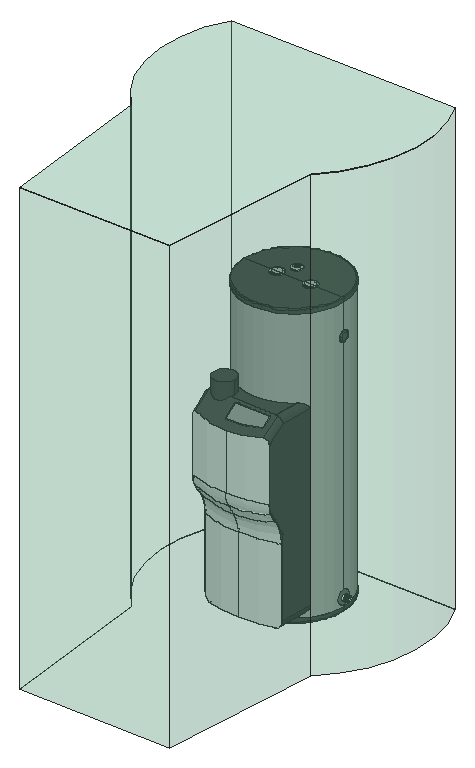
Revit family "Innovo FR_IR 12 200 FR LP", category Mechanical Equipment, Revit 2015
Parameters (values of type "IR-12-200 FR LP")
  largeur d'emballage = 786 mm  # constant formula
  l'Intervalle d'Entretien = "12 mois"  # constant formula
  Workspace Radius = Diameter + 170 mm  # 780 mm
  Workspace Height = Hauteur + 1000 mm  # 2745 mm
  Workspace Front Distance = 1000 mm
  Workspace [instance] = yes
  Valve Height 02 = if(and(Hauteur = 1745 mm, Diameter = 675 mm), 1518 mm, if(and(Hauteur = 1745 mm, Diameter = 610 mm), 1534 mm, if(Hauteur = 1545 mm, 1328 mm, 1070 mm)))  # 1534 mm
  Valve Height 01 = if(and(Diameter > 560 mm), 693 mm, 604 mm)  # 693 mm
  Valeur Maximale du Thermostat de Régulation = 85 °C  # constant formula
  Valeur Manimale du Thermostat de Régulation = 40 °C  # constant formula
  Valeur Défaut du Thermostat de Régulation = 65 °C  # constant formula
  URL = "www.aosmith.fr"
  Type d'Installation = "B23/C13/C33/C43/C53/C63"  # constant formula
  Type d'emballage = "Carton et bois"  # constant formula
  Tension d'Alimentation (-15%, +10%) = 230 V  # constant formula
  Température Maximale des Fumées = 65 °C
  Temps de réchauffement à ΔT = 70°C = "38"
  Temps de réchauffement à ΔT = 55°C = "30"
  Temps de réchauffement à ΔT = 50°C = "27"
  Temps de réchauffement à ΔT = 44°C = "24"
  Temps de réchauffement à ΔT = 28°C = "16"
  Spécifications du Produit = ""
  Réglages du thermostat du chauffe-eau = 65 °C  # constant formula
  Réglage Standard Pour = "G20/G25"
  Rendement Saisonnier (Hs) = [Rendement (Hs, acc. NEN-EN 89 - 1999)]  # 96
  Rendement (Hs, acc. NEN-EN 89 - 1999) = 96
  Rendement (Hi, acc. NEN-EN 89 - 1999) = 107
  Raccord Évacuation de la Condensation = 40 mm  # constant formula
  Raccord de la Soupape de Vidange = 1"
  Raccord de Sortie d'Eau Chaude = 1"
  Raccord de Gaz = 15"  # constant formula
  Raccord d'Alimentation en Eau Froide = 3/4"  # constant formula
  Raccord Robinet de Vidange = 3/4"  # constant formula
  Puissance Électrique Absorbée (sommet) = 105 W
  Puissance Électrique Absorbée (nominal) = 85 W
  Profondeur d'emballage = 946 mm  # constant formula
  Profondeur = 780 mm  # constant formula
  Profils de soutirage déclaré = "XXL"
  Production Nominale = "31000.0/30100.0"
  Pression de Fonctionnement Maximale = 800000.0 Pa  # constant formula
  Pression Différentielle d'Ouverture de l'Interrupteur de Pression < = 210.0 Pa
  Pression Amont de Gaz = "2000/2500 Pa"
  Precaustions during assembling, installation or maintenance = "voir Manuel d'installation, d'emploi er d'entretien"  # constant formula
  Poids à vide = 136 kg
  Poids de Transport = 153 kg
  Phase = 1
  Pertes en Veille - tous les jours (24h) = 0 W
  Pertes en Veille = 0 W
  Nombre de modèle du produit (EAN) = "8717449286330"
  Niveau du Son dB (A) = "<45"  # constant formula
  Niveau de puissance acoustique à l'intérieur = "58 dB"
  NOx-émissions mg/kWh = "37.0/27.0"
  NOx-émissions (ven air, 0% O2) ppm = "24.0/17.0"
  Modèdele = "IR-32-285"
  Model = "IR-32-285 FR NAT"
  Marque commerciale = "A.O. Smith"  # constant formula
  Manufacturer = "A.O. Smith Water Products Company b.v."  # constant formula
  Largeur = Diameter  # 610 mm
  La commande intelligente = no
  L'efficacité énergétique pour le chauffage de l'eau (2) = "-"
  L'efficacité énergétique pour le chauffage de l'eau (1) = "90%"
  Hauteur du Raccordement au Gaz = 905 mm
  Hauteur de la Sortie d'eau Chaude = 1745 mm
  Hauteur de l'Alimentation en eau Froide = 170 mm
  Hauteur d'emballage = 1895 mm
  Hauteur Conduit d'Évacuation des Fumées = 1350 mm
  Hauteur Conduit d'Alimentation en Air = 1350 mm
  Hauteur = 1745 mm
  Guide de Produit = ""
  Garantie sur la Cuve = "36 mois"  # constant formula
  Garantie Pièces = "12 mois"  # constant formula
  Fréquence secteur = 50 Hz  # constant formula
  Forctionner qu'en heures creuses = no
  Fabricant No. = "E 7110"  # constant formula
  Epaisseur d'Isolation = 44 mm
  Débit de vidage à ΔT = 70°C après 90 min. = 770.0 L
  Débit de vidage à ΔT = 70°C après 60 min. = 580.0 L
  Débit de vidage à ΔT = 70°C après 30 min. = 390.0 L
  Débit de vidage à ΔT = 70°C après 120 min. = 960.0 L
  Débit de vidage à ΔT = 55°C après 90 min. = 1000.0 L
  Débit de vidage à ΔT = 55°C après 60 min. = 760.0 L
  Débit de vidage à ΔT = 55°C après 30 min. = 520.0 L
  Débit de vidage à ΔT = 55°C après 120 min. = 1300.0 L
  Débit de vidage à ΔT = 50°C après 90 min. = 1200.0 L
  Débit de vidage à ΔT = 50°C après 60 min. = 840.0 L
  Débit de vidage à ΔT = 50°C après 30 min. = 570.0 L
  Débit de vidage à ΔT = 50°C après 120 min. = 1400.0 L
  Débit de vidage à ΔT = 44°C après 90 min. = 1300.0 L
  Débit de vidage à ΔT = 44°C après 60 min. = 960.0 L
  Débit de vidage à ΔT = 44°C après 30 min. = 660.0 L
  Débit de vidage à ΔT = 44°C après 120 min. = 1600.0 L
  Débit de vidage à ΔT = 28°C après 90 min. = 2100.0 L
  Débit de vidage à ΔT = 28°C après 60 min. = 1600.0 L
  Débit de vidage à ΔT = 28°C après 30 min. = 1100.0 L
  Débit de vidage à ΔT = 28°C après 120 min. = 2500.0 L
  Débit de vidage en Continu à ΔT = 70°C = 380.0 L/s
  Débit de vidage en Continu à ΔT = 55°C = 490.0 L/s
  Débit de vidage en Continu à ΔT = 50°C = 540.0 L/s
  Débit de vidage en Continu à ΔT = 44°C = 610.0 L/s
  Débit de vidage en Continu à ΔT = 28°C = 960.0 L/s
  Diamètre Cheminée - Système Parallèle = "2x80"  # constant formula
  Diamètre Cheminée - Système Concentrique = "80/125 mm/mm"  # constant formula
  Diamètre Cheminée - Boiler = "80/125 mm/mm"  # constant formula
  Diameter = 610 mm
  Destination / Country = "France"  # constant formula
  Description = "Préparateur ECS Solaire en Combinaison avec Réservoir de Stockage"  # constant formula
  D'autres profils de soutirage = "-"
  Created By = "http://www.cadcompany.nl/"
  Consommation de Gaz - Volume ltr/hr = "3.10/3.50"
  Consommation de Gaz - Masse kg/h = "a/p"
  Class d'efficacité énergétique (2) = "-"
  Class d'efficacité énergétique (1) = "A"  # constant formula
  Charge Nominale (Valeur Supérieure) = "32200.0/31200.0"
  Charge Nominale (Valeur Inférieure) = "29000.0/28100.0"
  Charge Maximale au Sol = 438 kg
  Catégorie de Gaz = "II2Esi3P"  # constant formula
  Capacité = 285.0 L
  CO2 Émissions (tol. +/- 1.0) vol% = "9.3/9.3"
  CE-PIN = "0063CQ3037"  # constant formula
  BIM Content Developer = "CAD & Company"  # constant formula
  Assembly Code = "D3010"
  Annual fuel consumption (2) = "-"
  Annual fuel consumption (1) = "21 GJ GCV"
  Annual electricity consumption (2) = "-"
  Annual electricity consumption (1) = "48 kWh"
  2ème Entretien (Entretien Général) = "12 mois après l'installation"  # constant formula
  1er Entretien (check-up) = "3 mois après l'installation"  # constant formula
Reference planes
  plane 1 "Center (Front/Back)": y = 0
  plane 2: z = 0
  plane 3 "Center (Left/Right)": x = 0
  plane 4 "Pipe": through (-383.901, 912.349, 194.799) normal (-0.0879, -0.0879, 0.9923)
  plane 5 "footing": y = 118.925
  plane 6 "footing front": y = -237.85
  plane 7: x = -305
  plane 8: x = 305
  plane 9: z = 1745
Forms (mm)
  Revolve 1, solid, material "RAL 9005", detail levels medium+fine
    sketch origin (0, -237.85, 0) x (-1, 0, 0) y (0, 0, 1)
      loop
        line (0, 28.9) -> (-15, 28.9) -> (-15, 26.4) -> (-8.671, 26.4) -> (-8.671, 18) -> (-5.686, 18) -> (-6.626, 17.06) -> (-6.626, 12.06) -> (-8.671, 12.06) -> (-8.671, 10) -> (-10.031, 10) -> (-23.271, 5.181)
        arc (-23.271, 5.181) -> (-23.763, 4.836) -> (-24.017, 4.293) r 1.159
        line (-24.017, 4.293) -> (-24.017, 1.03)
        arc (-24.017, 1.03) -> (-23.715, 0.302) -> (-22.986, 0) r 1.03
        line (-22.986, 0) -> (0, 0) -> (0, 28.9)
      axis (0, 28.9) -> (0, 0)
    angle from 0 to 360
  Revolve 2, solid, material "RAL 9005", detail levels medium+fine
    sketch origin (0, 118.925, 0) x (-1, 0, 0) y (0, 0, 1)
      loop
        line (-205.984, 28.9) -> (-220.984, 28.9) -> (-220.984, 26.4) -> (-214.655, 26.4) -> (-214.655, 18) -> (-211.67, 18) -> (-212.61, 17.06) -> (-212.61, 12.06) -> (-214.655, 12.06) -> (-214.655, 10) -> (-216.015, 10) -> (-229.256, 5.181)
        arc (-229.256, 5.181) -> (-229.747, 4.836) -> (-230.001, 4.293) r 1.159
        line (-230.001, 4.293) -> (-230.001, 1.03)
        arc (-230.001, 1.03) -> (-229.699, 0.302) -> (-228.971, 0) r 1.03
        line (-228.971, 0) -> (-205.984, 0) -> (-205.984, 28.9)
      axis (-205.984, 28.9) -> (-205.984, 0)
    angle from 0 to 360
  Revolve 3, solid, material "RAL 9005", detail levels medium+fine
    sketch origin (0, 118.925, 0) x (-1, 0, 0) y (0, 0, 1)
      loop
        line (204.016, 28.9) -> (189.016, 28.9) -> (189.016, 26.4) -> (195.345, 26.4) -> (195.345, 18) -> (198.33, 18) -> (197.39, 17.06) -> (197.39, 12.06) -> (195.345, 12.06) -> (195.345, 10) -> (193.985, 10) -> (180.744, 5.181)
        arc (180.744, 5.181) -> (180.253, 4.836) -> (179.999, 4.293) r 1.159
        line (179.999, 4.293) -> (179.999, 1.03)
        arc (179.999, 1.03) -> (180.301, 0.302) -> (181.029, 0) r 1.03
        line (181.029, 0) -> (204.016, 0) -> (204.016, 28.9)
      axis (204.016, 28.9) -> (204.016, 0)
    angle from 0 to 360
Lines and regions (mm)
  symbolic lines
    curve 1: line (0, 280.06, 0) -> (0, -280.06, 0)
    curve 2: line (-280.06, 0, 0) -> (280.06, 0, 0)
  symbolic lines, style "Workspace"
    curve 3: line (681.142, 380.06, 0) -> (-681.142, 380.06, 0)
    curve 4: arc (-681.142, 380.06, 0) -> (-777.325, -64.546, 0) -> (-609.127, -487.2, 0) r 780
    curve 5: line (-609.127, -487.2, 0) -> (-421.783, -1517.825, 0)
    curve 6: line (-421.783, -1517.825, 0) -> (424.03, -1517.825, 0)
    curve 7: line (424.03, -1517.825, 0) -> (611.027, -484.816, 0)
    curve 8: arc (611.027, -484.816, 0) -> (777.449, -63.027, 0) -> (681.142, 380.06, 0) r 780
Dimensions and locks
  plane 5 "footing" to plane 1 "Center (Front/Back)" = 118.925 mm
  plane 1 "Center (Front/Back)" to plane 6 "footing front" = 237.85 mm
  "Diameter": plane 7 to plane 8
  equal spacing: plane 7, plane 3 "Center (Left/Right)", plane 8
  "Hauteur": plane 9 to plane 2
  "Workspace Front Distance": curve 6 to nested 3
  "Workspace Radius": radius of curve 4
  "Workspace Radius": radius of curve 8
  aligned and locked: level to plane 2
  aligned and locked: nested 3 to Revolve 1 sketch curve
  aligned and locked: plane 3 "Center (Left/Right)" to Revolve 1 sketch curve
  aligned and locked: nested 3 to plane 1 "Center (Front/Back)"
  aligned and locked: plane 3 "Center (Left/Right)" to nested 3
  aligned and locked: nested 1 to plane 8
  aligned and locked: nested 5 to plane 8
  aligned and locked: nested 2 to plane 7
  aligned and locked: nested 4 to plane 7
  aligned and locked: nested 7 to plane 7
  aligned and locked: nested 8 to plane 3 "Center (Left/Right)"
  aligned and locked: nested 8 to nested 3
  aligned and locked: curve 3 to nested 8
Automatic sketch dimensions
  Revolve 1 sketch curve to level = 0 mm
  plane 3 "Center (Left/Right)" to Revolve 1 sketch curve = 5.686 mm
  Revolve 1 sketch curve to Revolve 1 sketch curve = 0.94 mm  (x2)
  Revolve 1 sketch curve to Revolve 1 sketch curve = 2.046 mm  (x2)
  Revolve 1 sketch curve to Revolve 1 sketch curve = 1.359 mm
  Revolve 1 sketch curve to Revolve 1 sketch curve = 6.329 mm
  level to Revolve 1 sketch curve = 4.091 mm
  Revolve 1 sketch curve to Revolve 1 sketch curve = 12.844 mm
  level to Revolve 1 sketch curve = 1.03 mm
  Revolve 1 sketch curve to Revolve 1 sketch curve = 0.111 mm
  level to Revolve 1 sketch curve = 5.181 mm
  Revolve 1 sketch curve to Revolve 1 sketch curve = 0.745 mm
  level to Revolve 1 sketch curve = 10 mm
  Revolve 1 sketch curve to Revolve 1 sketch curve = 2.06 mm
  Revolve 1 sketch curve to Revolve 1 sketch curve = 5 mm
  Revolve 1 sketch curve to Revolve 1 sketch curve = 8.4 mm
  Revolve 1 sketch curve to Revolve 1 sketch curve = 2.5 mm
  Revolve 1 sketch curve to level = 19.635 mm
  Revolve 1 sketch curve to Revolve 1 sketch curve = 46.465 mm
  Revolve 2 sketch curve to level = 0 mm
  level to Revolve 2 sketch curve = 1.03 mm
  Revolve 2 sketch curve to plane 8 = 74.999 mm
  level to Revolve 2 sketch curve = 5.181 mm
  Revolve 2 sketch curve to Revolve 2 sketch curve = 0.745 mm
  Revolve 2 sketch curve to Revolve 2 sketch curve = 0.397 mm
  Revolve 2 sketch curve to Revolve 2 sketch curve = 8.271 mm
  Revolve 2 sketch curve to Revolve 2 sketch curve = 13.241 mm
  Revolve 2 sketch curve to Revolve 2 sketch curve = 1.359 mm
  Revolve 2 sketch curve to Revolve 2 sketch curve = 6.329 mm
  Revolve 2 sketch curve to Revolve 2 sketch curve = 2.046 mm
  level to Revolve 2 sketch curve = 18 mm
  Revolve 2 sketch curve to Revolve 2 sketch curve = 0.94 mm  (x2)
  Revolve 2 sketch curve to Revolve 2 sketch curve = 8.671 mm
  Revolve 2 sketch curve to Revolve 2 sketch curve = 1.089 mm
  Revolve 2 sketch curve to Revolve 2 sketch curve = 8 mm
  Revolve 2 sketch curve to Revolve 2 sketch curve = 2.06 mm
  Revolve 2 sketch curve to Revolve 2 sketch curve = 8.4 mm
  Revolve 2 sketch curve to Revolve 2 sketch curve = 2.5 mm
  Revolve 2 sketch curve to Revolve 2 sketch curve = 0 mm
  Revolve 2 sketch curve to level = 19.635 mm
  Revolve 2 sketch curve to Revolve 2 sketch curve = 46.465 mm
  Revolve 3 sketch curve to level = 0 mm
  level to Revolve 3 sketch curve = 1.03 mm
  Revolve 3 sketch curve to plane 7 = 125.001 mm
  level to Revolve 3 sketch curve = 5.181 mm
  Revolve 3 sketch curve to Revolve 3 sketch curve = 0.745 mm
  Revolve 3 sketch curve to Revolve 3 sketch curve = 0.397 mm
  Revolve 3 sketch curve to Revolve 3 sketch curve = 8.271 mm
  Revolve 3 sketch curve to Revolve 3 sketch curve = 13.241 mm
  Revolve 3 sketch curve to Revolve 3 sketch curve = 1.359 mm
  Revolve 3 sketch curve to Revolve 3 sketch curve = 6.329 mm
  Revolve 3 sketch curve to Revolve 3 sketch curve = 2.046 mm
  level to Revolve 3 sketch curve = 18 mm
  Revolve 3 sketch curve to Revolve 3 sketch curve = 0.94 mm  (x2)
  Revolve 3 sketch curve to Revolve 3 sketch curve = 8.671 mm
  Revolve 3 sketch curve to Revolve 3 sketch curve = 1.089 mm
  Revolve 3 sketch curve to Revolve 3 sketch curve = 8 mm
  Revolve 3 sketch curve to Revolve 3 sketch curve = 2.06 mm
  Revolve 3 sketch curve to Revolve 3 sketch curve = 8.4 mm
  Revolve 3 sketch curve to Revolve 3 sketch curve = 2.5 mm
  Revolve 3 sketch curve to Revolve 3 sketch curve = 0 mm
  Revolve 3 sketch curve to level = 19.635 mm
  Revolve 3 sketch curve to Revolve 3 sketch curve = 46.465 mm
  curve 4 to curve 8 = 0 mm  (x2)
  plane 1 "Center (Front/Back)" to curve 2 = 0 mm
  curve 1 to plane 3 "Center (Left/Right)" = 0 mm
  plane 1 "Center (Front/Back)" to curve 4 = 0 mm
  curve 4 to plane 3 "Center (Left/Right)" = 0 mm
  curve 5 to plane 6 "footing front" = 249.35 mm
  plane 7 to curve 5 = 116.783 mm
  plane 8 to curve 7 = 119.03 mm
  curve 7 to plane 6 "footing front" = 246.966 mm
  curve 2 to plane 7 = 24.94 mm
  curve 2 to plane 8 = 24.94 mm
  curve 1 to plane 6 "footing front" = 42.21 mm
  plane 5 "footing" to curve 1 = 161.135 mm
Nested families
  nested 1: "Valve" at (305, -0.38, 1534) x (0, 1, 0) z (0, 0, 1), built-in parameter 1001364 <- "Valve Height 02", type "Valve"
  nested 2: "Drain Valve" at (-305, 0, 1534), built-in parameter 1001364 <- "Valve Height 02", type "Drain Valve"
  nested 3: "Housing Mother Housing S 57 (external)" at (0, -299.886, 0), type "Housing Mother_Housing S_57"
    with radius 305 mm, distance to boiler center 154 mm, diameter 610 mm
  nested 4: "Drain Valve" at (-305, 0, 177), type "Drain Valve"
  nested 5: "Drain Valve" at (305, 0, 107) x (-1, 0, 0) z (0, 0, 1), type "Drain Valve"
  nested 6: "Boiler" at (0, 0, 0), height <- "Hauteur", type "Boiler"
    with height 1745 mm, radius 305 mm, Diameter 610 mm
  nested 7: "Drain Valve" at (-305, 0, 693), built-in parameter 1001364 <- "Valve Height 01", type "Drain Valve"
  nested 8: "Innovo_workspace" at (0, 0, 0), Workspace Distance Front <- "Workspace Front Distance", Workspace <- "Workspace", Workspace Height <- "Workspace Height", Workspace Radius <- "Workspace Radius", type "Workspace"
    with Workspace Radius 780 mm, Workspace Height 2745 mm, Workspace Distance Front 1000 mm, Workspace yes, Center to Front 517.825 mm
Connectors
  piping at (339.826, 0, 107), diameter 19.05, driven by "Raccord Robinet de Vidange"
    settings: on nested 5, index 1, connector inside diameter 24", connector length 0 mm, flow factor 0, pipe flow 0.0 L/s, pressure drop 0.0 Pa, fitting loss kfactor 0, connector angle 0.00°, fixture units 0, engagement length 0 mm, angle of deflection 0.00°, flow configuration 0, flow direction 0, fitting loss method 0, system type 19, joint type 0, gender type 0, connector reference index -1, connector utility 0, adjustable connector no, is connector primary yes, connector description ""
  hvac at (-147.013, -346.326, 1310.674)
    settings: on nested 3, index 2, duct flow 0.0 L/s, flow factor 0, pres drop 0.0 Pa, loss coef 0, conn angle 0.00°, conn width 304.8 mm, conn height 304.8 mm, conn diameter 125 mm, duct sys type 4, conn prof type 0, flow config 0, flow direction 0, loss method 0, conn ref index -1, conn util no, is conn primary yes, conn desc ""
Definition of nested family "Valve"
  Parameters (values of type "Valve")
    Type Comments = "T&P valve (internal)"
    Manufacturer = "A.O. Smith"
  Reference planes
    plane 1 "Center (Front/Back)": y = 0
    plane 2: z = 0
    plane 3 "Center (Left/Right)": x = 0
  Forms (mm)
    Extrusion 1, solid, detail levels fine
      sketch origin (0, 0, 0) x (1, 0, 0) y (0, 0, 1)
        loop
          circle (0, 0) r 31.5
      from -2.271 to 1.4
    Sweep 2, solid, detail levels fine
      path origin (0, -1.4, 0) x (1, 0, 0) y (0, 0, 1)
        loop
          circle (0, 0) r 31.5
      profile origin (0, -1.4, 31.5) x (0, 0, -1) y (0, -1, 0)
        loop
          line (7.3, 0) -> (7.3, 3) -> (0, 0) -> (7.3, 0)
  Dimensions and locks
    aligned and locked: level to plane 2
Definition of nested family "Drain Valve"
  Reference planes
    plane 1 "Center (Front/Back)": y = 0
    plane 2: z = 0
    plane 3 "Center (Left/Right)": x = 0
  Forms (mm)
    Revolve 1, solid, detail levels medium+fine
      sketch origin (0, 0, 0) x (1, 0, 0) y (0, 0, 1)
        loop
          line (-33.442, 15.696) -> (-34.826, 14.329) -> (-34.93, 12.731) -> (-16.555, 12.731) -> (-16.555, 0) -> (15.787, 0) -> (15.787, 18.3) -> (-14.4, 18.3) -> (-17.148, 15.533) -> (-18.729, 16.697) -> (-20.091, 15.333) -> (-21.672, 16.496) -> (-23.034, 15.133) -> (-24.614, 16.296) -> (-25.976, 14.932) -> (-27.557, 16.096) -> (-28.919, 14.732) -> (-30.5, 15.896) -> (-31.862, 14.532) -> (-33.442, 15.696)
        axis (-34.93, 0) -> (15.787, 0)
      angle from 0 to 360
  Dimensions and locks
    aligned and locked: level to plane 2
  Nested families
    nested 1: "Rubber sealing" at (2.592, -0.155, 0) x (0.0023, -1, 0) z (0, 0, 1), type "Rubber sealing", detail levels fine
  Definition of nested family "Rubber sealing"
    Reference planes
      plane 1 "Center (Front/Back)": y = 0
      plane 2: z = 0
      plane 3 "Center (Left/Right)": x = 0
    Forms (mm)
      Extrusion 1, solid, detail levels fine
        sketch origin (141.861, 319.581, 0) x (1, 0, 0) y (0, 1, 0)
          loop
            line (-216.354, -311.898) -> (-216.354, -313.94)
            arc (-216.354, -313.94) -> (-141.602, -321.581) -> (-66.861, -313.835) r 366.966
            line (-66.861, -313.835) -> (-66.861, -311.791)
            arc (-66.861, -311.791) -> (-141.602, -319.581) -> (-216.354, -311.898) r 364.966
        from -80 to 80
      Extrusion 2, void
        sketch origin (141.861, 319.581, 0) x (1, 0, 0) y (0, 0, 1)
          loop
            circle (-141.861, 0) r 13
          loop
            circle (-141.861, 0) r 110
          loop
            circle (-141.861, 0) r 40
        from 311.563 to 332.684
      Extrusion 3, void
        sketch origin (141.861, 319.581, 0) x (1, 0, 0) y (0, 0, 1)
          loop
            circle (-141.861, 0) r 18.25
        from 315.524 to 326.084
    Cuts and joins
      Extrusion 2, Extrusion 3 cuts Extrusion 1
    Dimensions and locks
      aligned and locked: level to plane 2
Definition of nested family "Housing Mother Housing S 57 (external)"
  Parameters (values of type "Housing Mother_Housing S_57")
    radius [instance] = 280 mm
    distance to boiler center = if(diameter = 675 mm, 189 mm, if(diameter = 610 mm, 154 mm, 129 mm))  # 129 mm
    diameter = 560 mm
  Reference planes
    plane 1 "Center (Front/Back)": y = 0
    plane 2: z = 0
    plane 3 "Center (Left/Right)": x = 0
    plane 4 "left": through (-245.286, 145.886, 1200) normal (0.9994, 0.0349, 0)
    plane 5: y = -217.939
    plane 6: y = 145.886
    plane 7: z = 1232.6
    plane 8: z = 65.89
    plane 9 "right": through (245.286, 145.886, 1200) normal (0.9994, -0.0349, 0)
    plane 10 "display": through (0, -90.37, 1221.196) normal (0, -0.5736, 0.8192)
    plane 11 "Potentiostat": z = 867.899
    plane 12 "boiler center": y = 274.886
    plane 13: x = -280
    plane 14: x = 280
  Forms (mm)
    Extrusion 1, solid
      sketch origin (0, 0, 0) x (1, 0, 0) y (0, 1, 0)
        loop
          line (-245.286, 145.886) -> (-232.581, -217.939) -> (232.581, -217.939) -> (245.286, 145.886)
          arc (245.286, 145.886) -> (0, 0.923) -> (-245.286, 145.886) r 280
      from 0 to 1232.6
    Sweep 2, void
      path origin (0, 0, 0) x (0, 1, 0) y (0, 0, 1)
        loop
          line (-217.939, 1232.6) -> (-217.939, 795.555)
          arc (-217.939, 795.555) -> (-212.387, 754.285) -> (-197.694, 715.322) r 183.924
          arc (-197.694, 715.322) -> (-179.915, 684.628) -> (-159.106, 655.901) r 348.284
          arc (-159.106, 655.901) -> (-131.411, 600.328) -> (-121.88, 538.973) r 202.254
          line (-121.88, 538.973) -> (-121.88, 61.106)
      profile origin (0, -217.939, 1014.077) x (1, 0, 0) y (0, 1, 0)
        loop
          arc (0, 0) -> (-117.533, 9.941) -> (-231.728, 39.475) r 699.984
          arc (-231.728, 39.475) -> (-233.391, 40.705) -> (-234.07, 42.659) r 3.505
          line (-234.07, 42.659) -> (-254.062, 42.659) -> (-254.062, -142.593) -> (254.07, -142.593) -> (254.07, 42.659) -> (234.07, 42.659)
          arc (234.07, 42.659) -> (233.391, 40.705) -> (231.728, 39.475) r 3.505
          arc (231.728, 39.475) -> (117.533, 9.941) -> (0, 0) r 699.984
    Extrusion 3, void
      sketch origin (0, 0, 0) x (0, 1, 0) y (0, 0, 1)
        loop
          arc (102.864, 70.869) -> (99.804, 70.709) -> (96.874, 69.813) r 12.57
          arc (96.874, 69.813) -> (87.878, 66.533) -> (78.516, 64.529) r 69.114
          arc (78.516, 64.529) -> (76.41, 64.284) -> (74.294, 64.148) r 41.206
          arc (74.294, 64.148) -> (65.203, 64.335) -> (56.122, 64.782) r 318.661
          arc (56.122, 64.782) -> (30.585, 66.179) -> (5.028, 67.128) r 1456.581
          line (5.028, 67.128) -> (-84.534, 73.135)
          arc (-84.534, 73.135) -> (-86.363, 73.808) -> (-87.536, 75.365) r 3.455
          line (-87.536, 75.365) -> (-264.473, 75.365) -> (-264.473, 0) -> (160.886, 0) -> (160.886, 103.945) -> (145.886, 103.945)
          arc (145.886, 103.945) -> (145.104, 97.827) -> (142.923, 92.059) r 26.364
          arc (142.923, 92.059) -> (141.067, 88.936) -> (138.867, 86.045) r 31.715
          arc (138.867, 86.045) -> (135.576, 82.49) -> (132.021, 79.2) r 62.615
          arc (132.021, 79.2) -> (125.841, 74.697) -> (119.091, 71.103) r 54.444
          arc (119.091, 71.103) -> (116.371, 70.272) -> (113.531, 70.123) r 11.669
          line (113.531, 70.123) -> (102.864, 70.869)
      from -254.062 to 254.07
    Sweep 4, void
      path origin (0, 0, 0) x (1, 0, 0) y (0, 1, 0)
        loop
          line (-245.286, 145.886) -> (-232.581, -217.939)
      profile origin (-238.933, -36.027, 0) x (0.999391, 0.034899, 0) y (0, 0, 1)
        loop
          line (-4.454, 0) -> (47.084, 0) -> (47.084, 73.431)
          arc (47.084, 73.431) -> (14.222, 85.134) -> (0.255, 117.1) r 43.922
          line (0.255, 117.1) -> (-4.454, 117.1) -> (-4.454, 0)
    Sweep 5, void
      path origin (0, 0, 0) x (-1, 0, 0) y (0, 1, 0)
        loop
          line (-245.286, 145.886) -> (-232.581, -217.939)
      profile origin (238.933, -36.027, 0) x (0.999391, -0.034899, 0) y (0, 0, 1)
        loop
          line (4.454, 0) -> (4.454, 117.1) -> (-0.255, 117.1)
          arc (-0.255, 117.1) -> (-14.222, 85.134) -> (-47.084, 73.431) r 43.922
          line (-47.084, 73.431) -> (-47.084, 0) -> (4.454, 0)
    Sweep 6, void
      path origin (-239.899, -8.377, 0) x (-0.034899, 0.999391, 0) y (0, 0, 1)
        loop
          line (-209.69, 1141.272) -> (-79.18, 1232.6) -> (154.358, 1232.6)
      profile origin (-241.211, 29.188, 1232.6) x (0, 0, 1) y (0.999391, 0.034899, 0)
        loop
          line (-45, -30) -> (75, -30) -> (75, 0) -> (75, 55) -> (2.799, 55) -> (-1.253, 35.128)
          arc (-1.253, 35.128) -> (-16.771, 9.564) -> (-45, -0.308) r 44.287
          line (-45, -0.308) -> (-45, -30)
    Sweep 7, void
      path origin (239.899, -8.377, 0) x (0.034899, 0.999391, 0) y (0, 0, 1)
        loop
          line (-209.69, 1141.272) -> (-79.18, 1232.6) -> (154.358, 1232.6)
      profile origin (241.211, 29.188, 1232.6) x (0, 0, -1) y (-0.999391, 0.034899, 0)
        loop
          line (-75, -25) -> (45, -25) -> (45, -0.308)
          arc (45, -0.308) -> (16.771, 9.564) -> (1.253, 35.128) r 44.287
          line (1.253, 35.128) -> (-2.799, 55) -> (-75, 55) -> (-75, -25)
    Extrusion 8, void
      sketch origin (0, 0, 0) x (0, 1, 0) y (0, 0, 1)
        loop
          line (-270, 1336.099) -> (-270, 1099.081) -> (68.497, 1336.099) -> (-270, 1336.099)
      from -425.038 to 444.42
    Extrusion 9, solid, detail levels medium+fine
      sketch origin (0, 0, 0) x (1, 0, 0) y (0, 1, 0)
        loop
          circle (-147.013, -46.44) r 65
      from 1163.174 to 1310.674
    Extrusion 10, void
      sketch origin (0, -603.506, 861.895) x (0, 0.819152, 0.573576) y (-1, 0, 0)
        loop
          arc (618.322, -173) -> (623.272, -170.95) -> (625.322, -166) r 7
          line (625.322, -166) -> (625.322, 35)
          arc (625.322, 35) -> (623.272, 39.95) -> (618.322, 42) r 7
          line (618.322, 42) -> (535.473, 42)
          arc (535.473, 42) -> (530.688, 40.11) -> (528.488, 35.46) r 7
          arc (528.488, 35.46) -> (531.569, -67.592) -> (554.18, -168.18) r 540
          arc (554.18, -168.18) -> (556.724, -171.668) -> (560.831, -173) r 7
          line (560.831, -173) -> (618.322, -173)
      from 0 to 137.286
    Sweep 11, solid, detail levels fine
      path origin (0, 0, 867.899) x (-1, 0, 0) y (0, -1, 0)
        loop
          line (309.749, -35.617) -> (204.371, -35.617)
          arc (204.371, -35.617) -> (196.509, -34.687) -> (189.082, -31.947) r 33.677
          line (189.082, -31.947) -> (-9.574, 69.274)
      profile origin (-257.06, 35.617, 867.899) x (0, 1, 0) y (0, 0, 1)
        loop
          circle (0, 0) r 7.316
        loop
          circle (0, 0) r 6.465
    Revolve 12, void
      sketch origin (0, 274.886, 0) x (-1, 0, 0) y (0, 0, 1)
        loop
          line (280, 1243.838) -> (0, 1243.838) -> (0, 54.9) -> (280, 54.9) -> (280, 1243.838)
        axis (0, 1243.838) -> (0, 54.9)
      angle from 0 to 360
  Cuts and joins
    Sweep 2, Extrusion 3, Sweep 4, Sweep 5, Sweep 6, Sweep 7, Extrusion 8, Extrusion 10, Revolve 12 cuts Extrusion 1
  Dimensions and locks
    plane 8 to plane 2 = 65.89 mm
    plane 7 to plane 8 = 1166.71 mm
    "distance to boiler center": plane 12 "boiler center" to plane 6
    "diameter": plane 14 to plane 13
    equal spacing: plane 14, plane 3 "Center (Left/Right)", plane 13
    "radius": plane 3 "Center (Left/Right)" to plane 13
    aligned and locked: level to plane 2
    aligned and locked: Extrusion 1 to plane 7
    aligned and locked: Extrusion 1 sketch curve to plane 5
    aligned and locked: Sweep 2 to Extrusion 3
    aligned and locked: Extrusion 3 to Sweep 2  (x2)
    aligned and locked: plane 7 to Sweep 2 sketch curve
    aligned and locked: plane 3 "Center (Left/Right)" to Revolve 12 sketch curve
    aligned and locked: Revolve 12 sketch curve to plane 3 "Center (Left/Right)"
    aligned and locked: plane 13 to Revolve 12 sketch curve
  Automatic sketch dimensions
    Extrusion 1 sketch curve to plane 4 "left" = 0 mm  (x2)
    Extrusion 1 sketch curve to plane 6 = 0 mm  (x2)
    Extrusion 1 sketch curve to plane 3 "Center (Left/Right)" = 0 mm
    Extrusion 1 sketch curve to plane 9 "right" = 0 mm
    plane 6 to Extrusion 1 sketch curve = 135.037 mm
    Sweep 2 sketch curve to plane 5 = 0 mm
    plane 5 to Sweep 2 sketch curve = 106.195 mm
    Sweep 2 sketch curve to plane 5 = 96.059 mm
    plane 1 "Center (Front/Back)" to Sweep 2 sketch curve = 34.053 mm
    plane 11 "Potentiostat" to Sweep 2 sketch curve = 6.417 mm
    Sweep 2 sketch curve to plane 6 = 33.705 mm
    Sweep 2 sketch curve to plane 11 "Potentiostat" = 68.615 mm
    Sweep 2 sketch curve to plane 11 "Potentiostat" = 72.345 mm
    Sweep 2 sketch curve to Sweep 2 sketch curve = 176.349 mm
    Sweep 2 sketch curve to Sweep 2 sketch curve = 0 mm  (x2)
    plane 8 to Sweep 2 sketch curve = 4.784 mm
    Extrusion 3 sketch curve to level = 0 mm
    Extrusion 3 sketch curve to plane 6 = 0 mm
    Extrusion 3 sketch curve to plane 6 = 26.363 mm
    Extrusion 3 sketch curve to Extrusion 3 sketch curve = 4.75 mm
    Extrusion 3 sketch curve to Extrusion 3 sketch curve = 5.179 mm
    Extrusion 3 sketch curve to plane 8 = 4.232 mm
    Extrusion 3 sketch curve to Extrusion 3 sketch curve = 0.814 mm
    Extrusion 3 sketch curve to plane 8 = 4.978 mm
    Extrusion 3 sketch curve to Extrusion 3 sketch curve = 10.667 mm
    Extrusion 3 sketch curve to Extrusion 3 sketch curve = 0.877 mm
    Extrusion 3 sketch curve to Extrusion 3 sketch curve = 17.827 mm
    Extrusion 3 sketch curve to Extrusion 3 sketch curve = 5.646 mm
    Extrusion 3 sketch curve to plane 6 = 69.562 mm
    Extrusion 3 sketch curve to Extrusion 3 sketch curve = 18.6 mm
    Extrusion 3 sketch curve to Extrusion 3 sketch curve = 22.538 mm
    Extrusion 3 sketch curve to plane 8 = 1.238 mm
    Extrusion 3 sketch curve to plane 1 "Center (Front/Back)" = 5.028 mm
    plane 1 "Center (Front/Back)" to Extrusion 3 sketch curve = 36.224 mm
    Extrusion 3 sketch curve to plane 8 = 10.692 mm
    plane 1 "Center (Front/Back)" to Extrusion 3 sketch curve = 84.302 mm
    Extrusion 3 sketch curve to plane 8 = 7.244 mm
    Extrusion 3 sketch curve to Extrusion 3 sketch curve = 0.231 mm
    Extrusion 3 sketch curve to Extrusion 3 sketch curve = 3.234 mm
    plane 5 to Extrusion 3 sketch curve = 46.534 mm
    plane 6 to Extrusion 3 sketch curve = 15 mm
    Extrusion 3 sketch curve to level = 1388.869 mm
    plane 8 to Extrusion 3 sketch curve = 7.561 mm
    Extrusion 3 sketch curve to Extrusion 3 sketch curve = 11.64 mm
    Extrusion 3 sketch curve to plane 8 = 38.054 mm
    Extrusion 3 sketch curve to Extrusion 3 sketch curve = 22.442 mm
    Extrusion 3 sketch curve to plane 8 = 39.432 mm
    Extrusion 3 sketch curve to Extrusion 3 sketch curve = 2.466 mm
    Extrusion 3 sketch curve to Extrusion 3 sketch curve = 14.17 mm
    Extrusion 3 sketch curve to Extrusion 3 sketch curve = 5.925 mm
    Extrusion 3 sketch curve to Extrusion 3 sketch curve = 6.186 mm
    Extrusion 3 sketch curve to Extrusion 3 sketch curve = 249.85 mm
    Extrusion 3 sketch curve to Extrusion 3 sketch curve = 0 mm  (x4)
    Extrusion 3 sketch curve to Extrusion 3 sketch curve = 6.845 mm
    plane 8 to Extrusion 3 sketch curve = 1.743 mm
    Sweep 4 sketch curve to plane 4 "left" = 0 mm  (x2)
    Sweep 4 sketch curve to plane 6 = 0 mm
    plane 5 to Sweep 4 sketch curve = 0 mm
    Sweep 4 sketch curve to level = 0 mm
    profile plane to Sweep 4 sketch curve = 4.454 mm
    Sweep 4 sketch curve to profile plane = 0.255 mm
    Sweep 4 sketch curve to Sweep 4 sketch curve = 43.922 mm
    Sweep 4 sketch curve to profile plane = 47.084 mm
    level to Sweep 4 sketch curve = 73.431 mm
    Sweep 4 sketch curve to Sweep 4 sketch curve = 43.669 mm
    Sweep 5 sketch curve to plane 6 = 0 mm
    Sweep 5 sketch curve to plane 9 "right" = 0 mm  (x2)
    plane 5 to Sweep 5 sketch curve = 0 mm
    Sweep 5 sketch curve to level = 0 mm
    profile plane to Sweep 5 sketch curve = 47.084 mm
    Sweep 5 sketch curve to Sweep 5 sketch curve = 2.907 mm
    profile plane to Sweep 5 sketch curve = 0.255 mm
    Sweep 5 sketch curve to profile plane = 4.454 mm
    level to Sweep 5 sketch curve = 73.431 mm
    Sweep 5 sketch curve to Sweep 5 sketch curve = 43.669 mm
    Sweep 6 sketch curve to plane 7 = 0 mm
    plane 7 to Sweep 6 sketch curve = 91.328 mm
    Sweep 6 sketch curve to Sweep 6 sketch curve = 130.509 mm
    Sweep 6 sketch curve to Sweep 6 sketch curve = 233.538 mm
    Sweep 6 sketch curve to plane 4 "left" = 0 mm
    profile plane to Sweep 6 sketch curve = 45 mm
    Sweep 6 sketch curve to Sweep 6 sketch curve = 0.354 mm
    profile plane to Sweep 6 sketch curve = 1.253 mm
    Sweep 6 sketch curve to profile plane = 2.799 mm
    Sweep 6 sketch curve to Sweep 6 sketch curve = 72.201 mm
    Sweep 6 sketch curve to plane 4 "left" = 0.308 mm
    Sweep 6 sketch curve to Sweep 6 sketch curve = 29.692 mm
    plane 4 "left" to Sweep 6 sketch curve = 35.128 mm
    plane 4 "left" to Sweep 6 sketch curve = 55 mm
    Sweep 7 sketch curve to plane 7 = 0 mm
    Sweep 7 sketch curve to plane 7 = 91.328 mm
    Sweep 7 sketch curve to Sweep 7 sketch curve = 130.509 mm
    Sweep 7 sketch curve to Sweep 7 sketch curve = 233.538 mm
    Sweep 7 sketch curve to plane 9 "right" = 25 mm
    profile plane to Sweep 7 sketch curve = 75 mm
    profile plane to Sweep 7 sketch curve = 2.799 mm
    Sweep 7 sketch curve to profile plane = 1.253 mm
    Sweep 7 sketch curve to Sweep 7 sketch curve = 43.393 mm
    Sweep 7 sketch curve to profile plane = 45 mm
    Sweep 7 sketch curve to plane 9 "right" = 0.308 mm
    plane 9 "right" to Sweep 7 sketch curve = 35.128 mm
    Sweep 7 sketch curve to Sweep 7 sketch curve = 19.872 mm
    plane 5 to Extrusion 8 sketch curve = 52.061 mm
    Extrusion 8 sketch curve to plane 1 "Center (Front/Back)" = 68.497 mm
    plane 7 to Extrusion 8 sketch curve = 133.519 mm
    Extrusion 8 sketch curve to plane 7 = 103.499 mm
    plane 1 "Center (Front/Back)" to Extrusion 9 sketch curve = 46.44 mm
    Extrusion 9 sketch curve to plane 3 "Center (Left/Right)" = 147.013 mm
    Extrusion 10 sketch curve to plane 3 "Center (Left/Right)" = 0 mm
    Extrusion 10 sketch curve to plane 3 "Center (Left/Right)" = 35 mm
    Extrusion 10 sketch curve to Extrusion 10 sketch curve = 25.359 mm
    Extrusion 10 sketch curve to Extrusion 10 sketch curve = 57.491 mm
    Extrusion 10 sketch curve to plane 3 "Center (Left/Right)" = 42 mm
    Extrusion 10 sketch curve to Extrusion 10 sketch curve = 82.85 mm
    Extrusion 10 sketch curve to Extrusion 10 sketch curve = 7 mm
    Extrusion 10 sketch curve to Extrusion 10 sketch curve = 442 mm
    plane 3 "Center (Left/Right)" to Extrusion 10 sketch curve = 166 mm
    Extrusion 10 sketch curve to Extrusion 10 sketch curve = 0 mm  (x2)
    Sweep 11 sketch curve to plane 1 "Center (Front/Back)" = 31.947 mm
    Sweep 11 sketch curve to plane 3 "Center (Left/Right)" = 189.082 mm
    Sweep 11 sketch curve to plane 1 "Center (Front/Back)" = 1.94 mm
    Sweep 11 sketch curve to Sweep 11 sketch curve = 15.289 mm
    plane 3 "Center (Left/Right)" to Sweep 11 sketch curve = 9.574 mm
    Sweep 11 sketch curve to Sweep 11 sketch curve = 105.378 mm
    plane 1 "Center (Front/Back)" to Sweep 11 sketch curve = 69.274 mm
    Sweep 11 sketch curve to Sweep 11 sketch curve = 0 mm  (x2)
    Sweep 11 sketch curve to plane 11 "Potentiostat" = 0 mm
    Sweep 11 sketch curve to profile plane = 0 mm
    plane 8 to Revolve 12 sketch curve = 10.99 mm
    Revolve 12 sketch curve to plane 7 = 11.238 mm
    Revolve 12 sketch curve to level = 366.045 mm
    Revolve 12 sketch curve to Revolve 12 sketch curve = 971.917 mm
    Sweep 2 sketch curve to plane 3 "Center (Left/Right)" = 0 mm
    profile plane to Sweep 2 sketch curve = 0 mm
    Sweep 2 sketch curve to plane 3 "Center (Left/Right)" = 0.016 mm
    Sweep 2 sketch curve to profile plane = 42.782 mm  (x2)
    Sweep 2 sketch curve to plane 3 "Center (Left/Right)" = 230.568 mm
    plane 3 "Center (Left/Right)" to Sweep 2 sketch curve = 0.016 mm
    plane 3 "Center (Left/Right)" to Sweep 2 sketch curve = 230.568 mm
    Sweep 2 sketch curve to Sweep 2 sketch curve = 3.502 mm  (x2)
    Sweep 2 sketch curve to Sweep 2 sketch curve = 20 mm
    profile plane to Sweep 2 sketch curve = 142.593 mm
    Sweep 2 sketch curve to Sweep 2 sketch curve = 0.122 mm  (x2)
    Sweep 2 sketch curve to Sweep 2 sketch curve = 657.203 mm
    Sweep 2 sketch curve to Sweep 2 sketch curve = 19.991 mm
    radius of Extrusion 9 sketch curve = 65 mm
    radius of Sweep 11 sketch curve = 7.316 mm
    radius of Sweep 11 sketch curve = 6.465 mm
  Nested families
    nested 1: "display" at (65.5, -130.939, 1192.79) x (-1, 0, 0) z (0, -0.5736, 0.8192), type "display"
  Definition of nested family "display"
    Parameters (values of type "display")
      Default Elevation = 1219.2 mm
    Reference planes
      plane 1 "Center (Front/Back)": y = 0
      plane 2: z = 0
      plane 3 "Center (Left/Right)": x = 0
    Forms (mm)
      Extrusion 1, solid, detail levels medium+fine
        sketch origin (-16.958, 11.842, -343.878) x (1, 0, 0) y (0, 0, -1)
          loop
            line (-233.523, -343.878) -> (-233.523, -346.592) -> (332.686, -346.592) -> (332.686, -343.878) -> (-233.523, -343.878)
        from -228.7 to 150.822
      Extrusion 2, void
        sketch origin (-16.958, 6.842, -343.878) x (1, 0, 0) y (0, 1, 0)
          loop
            line (-233.523, 155.822) -> (-233.523, -223.7) -> (332.686, -223.7) -> (332.686, 155.822) -> (-233.523, 155.822)
          loop
            arc (-90.542, -48.267) -> (-88.492, -53.216) -> (-83.542, -55.267) r 7
            line (-83.542, -55.267) -> (117.458, -55.267)
            arc (117.458, -55.267) -> (122.408, -53.216) -> (124.458, -48.267) r 7
            line (124.458, -48.267) -> (124.458, 34.583)
            arc (124.458, 34.583) -> (122.568, 39.368) -> (117.918, 41.568) r 7
            arc (117.918, 41.568) -> (14.866, 38.487) -> (-85.722, 15.876) r 540
            arc (-85.722, 15.876) -> (-89.21, 13.332) -> (-90.542, 9.224) r 7
            line (-90.542, 9.224) -> (-90.542, -48.267)
        from 328.878 to 363.083
    Cuts and joins
      Extrusion 2 cuts Extrusion 1
    Dimensions and locks
      aligned and locked: level to plane 2
Definition of nested family "Boiler"
  Parameters (values of type "Boiler")
    radius [instance] = 280 mm
    height [instance] = 1270 mm
    Diameter = 560 mm
  Reference planes
    plane 1 "Center (Front/Back)": y = 0
    plane 2: z = 0
    plane 3 "Center (Left/Right)": x = 0
    plane 4: z = 1243.838
    plane 5: z = 1270
    plane 6 "bottom": z = 28.9
    plane 7: z = 54.9
    plane 8 "top controle": y = 88
    plane 9: x = -280
    plane 10: x = 280
  Forms (mm)
    Revolve 1, solid
      sketch origin (0, 0, 0) x (1, 0, 0) y (0, 0, 1)
        loop
          line (0, 54.9) -> (-280, 54.9) -> (-280, 32.9)
          arc (-280, 32.9) -> (-278.828, 30.072) -> (-276, 28.9) r 4
          line (-276, 28.9) -> (0, 28.9) -> (0, 54.9)
        axis (0, 28.9) -> (0, 54.9)
      angle from 0 to 360
    Revolve 2, solid
      sketch origin (1.311, 0, 0) x (1, 0, 0) y (0, 0, 1)
        loop
          line (-278.86, 1243.838) -> (-278.86, 54.9) -> (-1.311, 54.9) -> (-1.311, 1243.838) -> (-278.86, 1243.838)
        axis (-1.311, 1243.838) -> (-1.311, 54.9)
      angle from 0 to 360
    Revolve 3, solid
      sketch origin (-9.205, 0, 377.212) x (-1, 0, 0) y (0, 0, 1)
        loop
          line (-148.904, 892.788) -> (-110.805, 892.788) -> (-110.805, 895.963) -> (-141.883, 895.963) -> (-148.904, 893.62) -> (-148.904, 892.788)
        axis (-110.805, 892.788) -> (-110.805, 895.963)
      angle from 0 to 360
    Revolve 4, solid
      sketch origin (0, 0, 718.065) x (1, 0, 0) y (0, 0, -1)
        loop
          line (0, -525.773) -> (-280, -525.773) -> (-280, -547.935)
          arc (-280, -547.935) -> (-278.828, -550.763) -> (-276, -551.935) r 4
          line (-276, -551.935) -> (0, -551.935) -> (0, -525.773)
        axis (0, -551.935) -> (0, -525.773)
      angle from 0 to 360
    Revolve 5, solid
      sketch origin (0, 88, 0) x (1, 0, 0) y (0, 0, 1)
        loop
          line (-19.051, 1270) -> (-19.051, 1271.074) -> (-32.63, 1275.604) -> (-32.63, 1271.117) -> (-37.266, 1271.117) -> (-38.383, 1270) -> (-19.051, 1270)
        axis (-50.8, 1270) -> (-50.8, 1275.604)
      angle from 0 to 360
    Revolve 6, solid
      sketch origin (-217.12, 0, 372.245) x (-1, 0, 0) y (0, 0, 1)
        loop
          line (-153.622, 897.755) -> (-115.52, 897.755) -> (-115.52, 900.93) -> (-146.626, 900.93) -> (-153.622, 898.596) -> (-153.622, 897.755)
        axis (-115.52, 897.755) -> (-115.52, 900.93)
      angle from 0 to 360
  Dimensions and locks
    "height": plane 5 to plane 2
    plane 6 "bottom" to plane 2 = 28.9 mm
    locked: plane 5 to plane 4 at 26.162
    locked: plane 1 "Center (Front/Back)" to plane 8 "top controle" at 88
    "Diameter": plane 10 to plane 9
    equal spacing: plane 10, plane 3 "Center (Left/Right)", plane 9
    "radius": plane 3 "Center (Left/Right)" to plane 9
    locked: plane 9 to Revolve 2 sketch curve at 2.452
    aligned and locked: level to plane 2
    aligned and locked: Revolve 2 sketch curve to plane 7
    aligned and locked: Revolve 2 sketch curve to plane 4
    aligned and locked: Revolve 1 sketch curve to plane 7
    aligned and locked: plane 6 "bottom" to Revolve 1 sketch curve
    aligned and locked: Revolve 4 sketch curve to plane 3 "Center (Left/Right)"
    aligned and locked: plane 5 to Revolve 4 sketch curve
    aligned and locked: Revolve 4 sketch curve to plane 4
    aligned and locked: plane 9 to Revolve 4 sketch curve
    aligned and locked: Revolve 1 sketch curve to plane 9
    aligned and locked: Revolve 2 sketch curve to plane 3 "Center (Left/Right)"
    aligned and locked: plane 3 "Center (Left/Right)" to Revolve 2 sketch curve
  Automatic sketch dimensions
    Revolve 1 sketch curve to plane 3 "Center (Left/Right)" = 0 mm  (x2)
    Revolve 1 sketch curve to Revolve 1 sketch curve = 4 mm
    Revolve 1 sketch curve to level = 40 mm
    Revolve 1 sketch curve to Revolve 1 sketch curve = 305.1 mm
    Revolve 2 sketch curve to level = 366.045 mm
    Revolve 2 sketch curve to plane 5 = 945.755 mm
    Revolve 3 sketch curve to plane 5 = 0 mm
    Revolve 3 sketch curve to plane 3 "Center (Left/Right)" = 139.699 mm
    plane 5 to Revolve 3 sketch curve = 3.175 mm
    Revolve 3 sketch curve to Revolve 3 sketch curve = 7.022 mm
    Revolve 3 sketch curve to Revolve 3 sketch curve = 31.078 mm
    Revolve 3 sketch curve to Revolve 3 sketch curve = 0.832 mm
    Revolve 3 sketch curve to Revolve 3 sketch curve = 0 mm
    Revolve 3 sketch curve to Revolve 3 sketch curve = 2.338 mm
    Revolve 3 sketch curve to Revolve 3 sketch curve = 4.487 mm
    Revolve 4 sketch curve to plane 3 "Center (Left/Right)" = 0 mm
    Revolve 4 sketch curve to Revolve 4 sketch curve = 4 mm
    Revolve 4 sketch curve to Revolve 4 sketch curve = 68.738 mm
    Revolve 4 sketch curve to Revolve 4 sketch curve = 305.1 mm
    Revolve 6 sketch curve to plane 5 = 0 mm
    plane 3 "Center (Left/Right)" to Revolve 6 sketch curve = 63.497 mm
    plane 5 to Revolve 6 sketch curve = 3.175 mm
    Revolve 6 sketch curve to Revolve 6 sketch curve = 6.997 mm
    Revolve 6 sketch curve to Revolve 6 sketch curve = 31.106 mm
    Revolve 6 sketch curve to Revolve 6 sketch curve = 0.84 mm
    Revolve 6 sketch curve to Revolve 6 sketch curve = 0 mm
    Revolve 6 sketch curve to Revolve 6 sketch curve = 7.216 mm
    Revolve 6 sketch curve to Revolve 6 sketch curve = 0.391 mm
    Revolve 5 sketch curve to Revolve 5 sketch curve = 13.578 mm
    Revolve 5 sketch curve to Revolve 5 sketch curve = 1.074 mm
    Revolve 5 sketch curve to Revolve 5 sketch curve = 12.417 mm
    Revolve 5 sketch curve to Revolve 5 sketch curve = 5.753 mm
    Revolve 5 sketch curve to plane 5 = 1.117 mm
    Revolve 5 sketch curve to Revolve 5 sketch curve = 1.117 mm
    plane 5 to Revolve 5 sketch curve = 4.396 mm
    Revolve 5 sketch curve to plane 5 = 0 mm
    Revolve 5 sketch curve to Revolve 5 sketch curve = 4.487 mm
    Revolve 5 sketch curve to plane 3 "Center (Left/Right)" = 38.383 mm
    Revolve 5 sketch curve to plane 5 = 5.604 mm
Definition of nested family "Innovo_workspace"
  Parameters (values of type "Workspace")
    Workspace Radius [instance] = 730 mm
    Workspace Height [instance] = 2270 mm
    Workspace Distance Front [instance] = 1000 mm
    Workspace [instance] = yes
    URL = "www.aosmith.nl"
    Model = ""
    Manufacturer = "A.O. Smith Water Products Company b.v."  # constant formula
    Description = ""
    Created By = ""
    Center to Front [instance] = 492.825 mm
    BIM Content Developer = "CAD & Company"  # constant formula
    Assembly Code = ""
  Reference planes
    plane 1 "Center (Front/Back)": y = 0
    plane 2: z = 0
    plane 3 "Center (Left/Right)": x = 0
    plane 4 "Pipe": through (-383.901, 912.349, 194.799) normal (-0.0879, -0.0879, 0.9923)
    plane 5 "front": y = -492.825
  Forms (mm)
    Extrusion 1, solid, visible <- "Workspace"
      sketch origin (0, 0, 0) x (1, 0, 0) y (0, 1, 0)
        loop
          line (456.53, -1492.825) -> (500.201, -531.695)
          arc (500.201, -531.695) -> (723.44, -97.643) -> (623.261, 380.06) r 730
          line (623.261, 380.06) -> (-623.261, 380.06)
          arc (-623.261, 380.06) -> (-723.227, -99.209) -> (-497.893, -533.856) r 730
          line (-497.893, -533.856) -> (-454.283, -1492.825) -> (456.53, -1492.825)
      from 0 to 2270 <- "Workspace Height"
  Lines and regions (mm)
    symbolic lines
      curve 1: line (0, 280.06, 0) -> (0, -280.06, 0)
      curve 2: line (-255.06, 0, 0) -> (255.06, 0, 0)
  Dimensions and locks
    locked: Extrusion 1 sketch curve to curve 1 at 100
    "Workspace Distance Front": plane 5 "front" to Extrusion 1
    "Center to Front": plane 1 "Center (Front/Back)" to plane 5 "front"
    "Workspace Radius": radius of Extrusion 1 sketch curve  (x2)
    aligned and locked: level to plane 2
  Automatic sketch dimensions
    plane 1 "Center (Front/Back)" to curve 2 = 0 mm
    curve 1 to plane 3 "Center (Left/Right)" = 0 mm
    plane 3 "Center (Left/Right)" to curve 2 = 255.06 mm
    curve 1 to plane 1 "Center (Front/Back)" = 280.06 mm
    curve 2 to plane 3 "Center (Left/Right)" = 255.06 mm
    plane 5 "front" to curve 1 = 212.765 mm
    Extrusion 1 sketch curve to Extrusion 1 sketch curve = 0 mm  (x2)
    plane 1 "Center (Front/Back)" to Extrusion 1 sketch curve = 0 mm
    Extrusion 1 sketch curve to plane 3 "Center (Left/Right)" = 0 mm
    Extrusion 1 sketch curve to plane 5 "front" = 41.031 mm
    Extrusion 1 sketch curve to plane 3 "Center (Left/Right)" = 454.283 mm
    plane 3 "Center (Left/Right)" to Extrusion 1 sketch curve = 456.53 mm
    Extrusion 1 sketch curve to plane 5 "front" = 38.869 mm
    Extrusion 1 sketch curve to Extrusion 1 sketch curve = 961.131 mm
